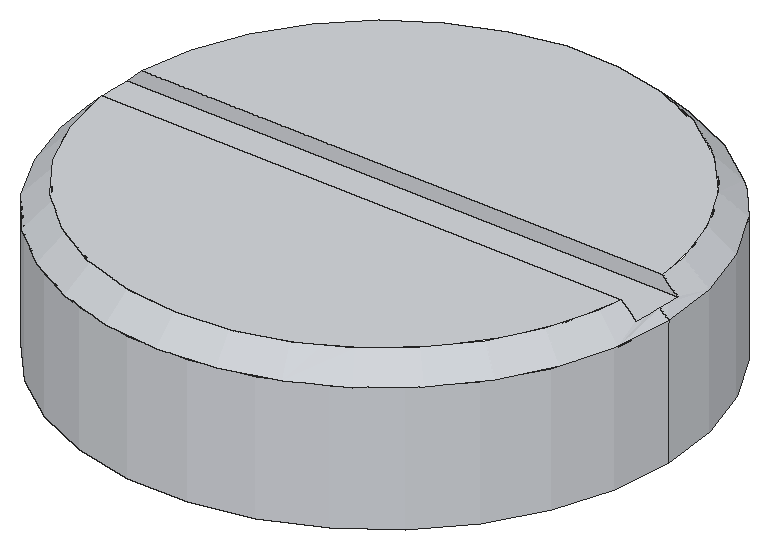
Revit family "BSP2", category Generic Models, Revit 2017
Family settings
  Can host rebar = No
  Round Connector Dimension = Use Diameter
  Part Type = Normal
  Work Plane-Based = Yes
  Always vertical = No
  Cut with Voids When Loaded = No
  Shared = No
  Room Calculation Point = No
Parameters (values of type "NBS Standard Parameters")
  Weight = "0.0135Kg"
  WarrantyStartDate [instance] = "1900-12-31T23:59:59"
  WarrantyGuarantorParts = "n/a"
  WarrantyGuarantorLabor = "n/a"
  WarrantyDurationUnit = "1 year"
  WarrantyDurationParts = "n/a"
  WarrantyDurationLabor = "n/a"
  WarrantyDescription = "n/a"
  Version = "1"
  Uniclass2 = "Pr_65_70_11_20"
  TagNumber [instance] = "n/a"
  SustainabilityPerformance = "n/a"
  Size = "25mm"
  Shape = "Circular"
  SerialNumber [instance] = "n/a"
  Revision = "n/a"
  ReplacementCost = "n/a"
  ProductInformation = "www.metpro.co.uk/pdf/bsp1.pdf"
  NominalWidth = 24.6 mm
  NominalLength = 24.6 mm
  NominalHeight = 7 mm
  Name = ""
  NBSTypeID = ""
  NBSReference = "90-55-10/460"
  NBSOfficeMasterTag = ""
  NBSNote = ""
  NBSDescription = "Conduit Fittings"
  NBSCertification = ""
  ModelReference = "BSP2"
  ModelNumber = "n/a"
  Material = "Brass"
  ManufacturerURL = "www.metpro.co.uk"
  ManufacturerName = "Metpro Ltd"
  InstallationDate [instance] = "1900-12-31T23:59:59"
  IfcExportType = ""
  IfcExportAs = ""
  Grade = "n/a"
  Finish = "Self Colour"
  Features = "n/a"
  ExpectedLife = "n/a"
  DurationUnit = "year"
  Description = "BSP2 - 25mm Brass Slotted Plug"
  Default Elevation = 1219.2 mm
  Constituents = "n/a"
  Color = "n/a"
  CodePerformance = "n/a"
  Category = "n/a"
  BarCode [instance] = "n/a"
  BIMObjectName = "Metpro_metprolibrary_conduitfittings_metalcomponent_brassaccessories"
  Author = "Metpro Ltd"
  AssetType = ""
  AssetIdentifier [instance] = "n/a"
  AccessibilityPerformance = "n/a"
Reference planes
  plane 1 "Center (Front/Back)": y = 0
  plane 2: z = 0
  plane 3 "Center (Left/Right)": x = 0
Forms (mm)
  Revolve 1, solid
    sketch origin (155.469, 899.683, 735.213) x (-1, 0, 0) y (0, 0, -1)
      loop
        line (-8241.212, 1173.973) -> (-8241.212, 1180.582) -> (-8253.74, 1180.582) -> (-8253.74, 1174.991) -> (-8252.722, 1173.973) -> (-8241.212, 1173.973)
      axis (-8241.212, 1173.973) -> (-8241.212, 1180.582)
    angle from 0 to 360
  Extrusion 2, void
    sketch origin (8396.681, 899.683, -438.759) x (0, 1, 0) y (1, 0, 0)
      loop
        line (1, -13.572) -> (1, 13.228) -> (-1.263, 13.228) -> (-1.263, -13.572) -> (1, -13.572)
    from 0 to 0.637
  Extrusion 3, void
    sketch origin (8396.681, 899.683, -445.368) x (0, -1, 0) y (1, 0, 0)
      loop
        circle (0, 0) r 8.5
    from 0 to 3
Cuts and joins
  Extrusion 2, Extrusion 3 cuts Revolve 1
Dimensions and locks
  aligned and locked: level to plane 2
